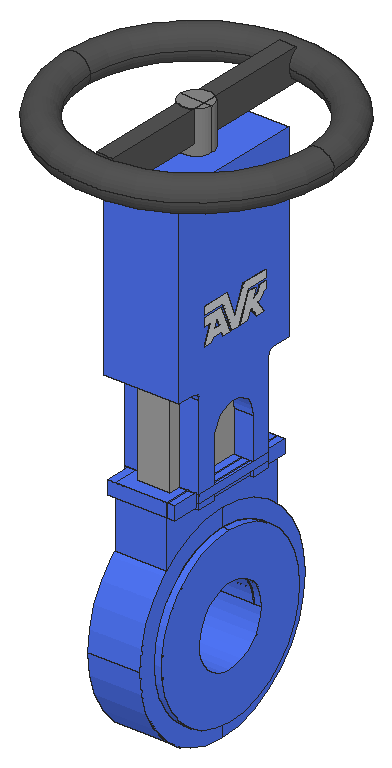
Revit family "702-10-103-DN50-600", category Pipe Accessories, Revit 2019
Family settings
  Round Connector Dimension = Use Diameter
  Part Type = Valve - Breaks Into
  Work Plane-Based = No
  Always vertical = Yes
  Cut with Voids When Loaded = No
  Shared = No
Parameters (values of type "DN050_PN10")
  W3 = W2 / 1.2  # 54.583 mm
  W2 = W / 2  # 65.5 mm
  W = size_lookup(Search_table, "W", 0 mm, [Nominal Diameter (DN)])  # 131 mm
  URL product pages = "https://www.avkvalves.com/P.aspx?no= 7020100100000152"
  Search_table = "702-10-103-DN50-600"
  Neck_Rod = if([Nominal Diameter (DN)] > 399 mm, 20 mm, if([Nominal Diameter (DN)] > 299 mm, 25 mm, if([Nominal Diameter (DN)] > 199 mm, 20 mm, if([Nominal Diameter (DN)] > 39 mm, 10 mm, 10 mm))))  # 10 mm
  Name_Ref = H_Ref * 1.5  # 170.3 mm
  L2 = L * 1.1  # 47.3 mm
  L = size_lookup(Search_table, "L", 0 mm, [Nominal Diameter (DN)])  # 43 mm
  ID = [Nominal Diameter (DN)] / 2  # 25 mm
  Nominal Diameter (DN) = 50 mm
  Hc_Ref = H - (HW_Dia / 2)  # 282 mm
  H = size_lookup(Search_table, "H", 0 mm, [Nominal Diameter (DN)])  # 292 mm
  HW_Rib = (D * 2) - (HW_Dia / 2)  # 145 mm
  HW_Dia = if([Nominal Diameter (DN)] > 399 mm, 80 mm, if([Nominal Diameter (DN)] > 299 mm, 60 mm, if([Nominal Diameter (DN)] > 199 mm, 40 mm, if([Nominal Diameter (DN)] > 39 mm, 20 mm, 20 mm))))  # 20 mm
  H_Ref = Body_width * 1.3  # 113.533 mm
  H3 = size_lookup(Search_table, "H3", 0 mm, [Nominal Diameter (DN)])  # 357 mm
  Flange_Thickness = if([Nominal Diameter (DN)] > 399 mm, 20 mm, if([Nominal Diameter (DN)] > 299 mm, 15 mm, if([Nominal Diameter (DN)] > 199 mm, 10 mm, if([Nominal Diameter (DN)] > 39 mm, 5 mm, 5 mm))))  # 5 mm
  Fillet_Radius = size_lookup(Search_table, "Fillet_Radius", 0 mm, [Nominal Diameter (DN)])  # 5 mm
  Description_ = "AVK KNIFE GATE VALVE"
  DN600_PN10 = "702-0600-10-0000017"
  DN500_PN10 = "702-0500-10-0000017"
  DN450_PN10 = "702-0450-10-0000025"
  DN400_PN10 = "702-0400-10-0000020"
  DN350_PN10 = "702-0350-10-0000031"
  DN300_PN10 = "702-0300-10-0000028"
  DN250_PN10 = "702-0250-10-0000031"
  DN200_PN10 = "702-0200-10-0000031"
  DN150_PN10 = "702-0150-10-0000155"
  DN125_PN10 = "702-0125-10-0000154"
  DN100_PN10 = "702-0100-10-0000152"
  DN080_PN10 = "702-0080-10-0000143"
  DN065_PN10 = "702-0065-10-0000141"
  DN050_PN10 = "702-0050-10-0000141"
  D = (size_lookup(Search_table, "D", 0 mm, [Nominal Diameter (DN)]) / 2) - (HW_Dia / 2)  # 77.5 mm
  Bonnet_height_2 = H / 2  # 146 mm
  Bonnet_height = H / 1.1  # 265.455 mm
  Body_width_2 = Body_width * 0.8  # 69.867 mm
  Body_width = W / 1.5  # 87.333 mm
  B2_Ref = W2 * 1.2  # 78.6 mm
Types (15, lengths in mm): name | W3 | W2 | W | Neck_Rod | Name_Ref | L2 | L | ID | Nominal Diameter (DN) | Hc_Ref | H | HW_Rib | HW_Dia | H_Ref | H3 | Flange_Thickness | Fillet_Radius | D | Bonnet_height_2 | Bonnet_height | Body_width_2 | Body_width | B2_Ref
  (no name) | 54.583 | 65.5 | 131 | 10 | 170.3 | 47.3 | 43 | 25 | 50 | 282 | 292 | 145 | 20 | 113.533 | 357 | 5 | 5 | 77.5 | 146 | 265.455 | 69.867 | 87.333 | 78.6
  DN050_PN10 | 54.583 | 65.5 | 131 | 10 | 170.3 | 47.3 | 43 | 25 | 50 | 282 | 292 | 145 | 20 | 113.533 | 357 | 5 | 5 | 77.5 | 146 | 265.455 | 69.867 | 87.333 | 78.6
  DN065_PN10 | 59.583 | 71.5 | 143 | 10 | 185.9 | 50.6 | 46 | 32.5 | 65 | 307 | 317 | 145 | 20 | 123.933 | 389 | 5 | 5 | 77.5 | 158.5 | 288.182 | 76.267 | 95.333 | 85.8
  DN080_PN10 | 76.667 | 92 | 184 | 10 | 239.2 | 50.6 | 46 | 40 | 80 | 351 | 361 | 195 | 20 | 159.467 | 453 | 5 | 5 | 102.5 | 180.5 | 328.182 | 98.133 | 122.667 | 110.4
  DN100_PN10 | 84.167 | 101 | 202 | 10 | 262.6 | 57.2 | 52 | 50 | 100 | 386 | 396 | 195 | 20 | 175.067 | 497 | 5 | 10 | 102.5 | 198 | 360 | 107.733 | 134.667 | 121.2
  DN125_PN10 | 95.833 | 115 | 230 | 10 | 299 | 61.6 | 56 | 62.5 | 125 | 422 | 432 | 195 | 20 | 199.333 | 547 | 5 | 10 | 102.5 | 216 | 392.727 | 122.667 | 153.333 | 138
  DN150_PN10 | 112.5 | 135 | 270 | 10 | 351 | 61.6 | 56 | 75 | 150 | 513 | 523 | 270 | 20 | 234 | 658 | 5 | 10 | 140 | 261.5 | 475.455 | 144 | 180 | 162
  DN200_PN10 | 137.917 | 165.5 | 331 | 20 | 430.3 | 66 | 60 | 100 | 200 | 603 | 623 | 240 | 40 | 286.867 | 788 | 10 | 15 | 130 | 311.5 | 566.364 | 176.533 | 220.667 | 198.6
  DN250_PN10 | 165.417 | 198.5 | 397 | 20 | 516.1 | 74.8 | 68 | 125 | 250 | 709 | 729 | 240 | 40 | 344.067 | 927 | 10 | 15 | 130 | 364.5 | 662.727 | 211.733 | 264.667 | 238.2
  DN300_PN10 | 188.333 | 226 | 452 | 25 | 587.6 | 85.8 | 78 | 150 | 300 | 828 | 858 | 310 | 60 | 391.733 | 1084 | 15 | 15 | 170 | 429 | 780 | 241.067 | 301.333 | 271.2
  DN350_PN10 | 215.833 | 259 | 518 | 25 | 673.4 | 85.8 | 78 | 175 | 350 | 921 | 951 | 310 | 60 | 448.933 | 1210 | 15 | 20 | 170 | 475.5 | 864.545 | 276.267 | 345.333 | 310.8
  DN400_PN10 | 240 | 288 | 576 | 20 | 748.8 | 99 | 90 | 200 | 400 | 1019 | 1059 | 280 | 80 | 499.2 | 1347 | 20 | 20 | 160 | 529.5 | 962.727 | 307.2 | 384 | 345.6
  DN450_PN10 | 227.5 | 273 | 546 | 20 | 709.8 | 99 | 90 | 225 | 450 | 1166 | 1206 | 380 | 80 | 473.2 | 1519 | 20 | 20 | 210 | 603 | 1096.364 | 291.2 | 364 | 327.6
  DN500_PN10 | 290.833 | 349 | 698 | 20 | 907.4 | 104.5 | 95 | 250 | 500 | 1268 | 1308 | 380 | 80 | 604.933 | 1657 | 20 | 25 | 210 | 654 | 1189.091 | 372.267 | 465.333 | 418.8
  DN600_PN10 | 340.417 | 408.5 | 817 | 20 | 1062.1 | 115.5 | 105 | 300 | 600 | 1457 | 1497 | 380 | 80 | 708.067 | 1905 | 20 | 25 | 210 | 748.5 | 1360.909 | 435.733 | 544.667 | 490.2
Reference planes
  plane 1 "Center (Front/Back)": y = 0
  plane 2: z = 0
  plane 3 "Center (Left/Right)": x = 0
  plane 4: x = -21.5
  plane 5: x = 21.5
  plane 6: y = 27.292
  plane 7: y = -27.292
  plane 8: x = -23.65
  plane 9: x = 23.65
  plane 10: z = 87.333
  plane 11: z = 82.333
  plane 12: x = -18
  plane 13: x = 18
  plane 14: z = 292
  plane 15: y = 15.843
  plane 16: y = -15.843
  plane 17: z = 113.533
  plane 18: z = 146
  plane 19: y = 27.292
  plane 20: y = -27.292
  plane 21: x = -23.65
  plane 22: x = 23.65
  plane 23: z = 292
  plane 24: z = 282
  plane 25: z = 272
  plane 26: z = 352.5
  plane 27: z = -65.5
  plane 28: z = 65.5
  plane 29: y = -65.5
  plane 30: y = 65.5
  plane 31: y = 32.292
  plane 32: z = 141
  plane 33: y = -32.292
  plane 34: z = 141
  plane 35: x = -6.146
  plane 36: x = 5.74
  plane 37: x = -77.5
  plane 38: x = 77.5
  plane 39: x = -150
Forms (mm)
  Extrusion 1, solid, material "Plastic"
    sketch origin (0, 0, 0) x (0, 1, 0) y (0, 0, 1)
      loop
        circle (0, 0) r 65.5
      loop
        circle (0, 0) r 25
    from -21.5 to 21.5
  Revolve 2, void
    sketch origin (0, 0, 0) x (1, 0, 0) y (0, 0, 1)
      loop
        line (21.5, 65.5) -> (16.5, 65.5) -> (16.5, 54.583) -> (21.5, 54.583) -> (21.5, 65.5)
      loop
        line (-21.5, 65.5) -> (-21.5, 54.583) -> (-16.5, 54.583) -> (-16.5, 65.5) -> (-21.5, 65.5)
      axis (-21.5, 0) -> (21.5, 0)
    angle from 0 to 360
  Extrusion 3, solid, material "Plastic"
    sketch origin (0, 0, 0) x (0, 1, 0) y (0, 0, 1)
      loop
        line (43.667, 0) -> (43.667, 87.333) -> (-43.667, 87.333) -> (-43.667, 0) -> (43.667, 0)
    from -16.5 to 16.5
  Extrusion 4, solid, material "Plastic"
    sketch origin (0, 0, 0) x (1, 0, 0) y (0, 0, 1)
      loop
        line (23.65, 87.333) -> (-23.65, 87.333) -> (-23.65, 82.333) -> (23.65, 82.333) -> (23.65, 87.333)
    from -27.292 to 27.292
  Extrusion 5, solid, material "Plastic"
    sketch origin (0, 0, 0) x (1, 0, 0) y (0, 0, 1)
      loop
        line (-21.5, 87.333) -> (-21.5, 78.6) -> (21.5, 78.6) -> (21.5, 87.333) -> (-21.5, 87.333)
    from -43.667 to 43.667
  Extrusion 6, solid, material "Plastic"
    sketch origin (0, 0, 0) x (0, 1, 0) y (0, 0, 1)
      loop
        line (27.292, 78.6) -> (27.292, 141)
        arc (27.292, 141) -> (28.756, 144.536) -> (32.292, 146) r 5
        line (32.292, 146) -> (43.667, 146) -> (43.667, 265.455) -> (-43.667, 265.455) -> (-43.667, 146) -> (-32.292, 146)
        arc (-32.292, 146) -> (-28.756, 144.536) -> (-27.292, 141) r 5
        line (-27.292, 141) -> (-27.292, 78.6) -> (-15.843, 78.6) -> (-15.843, 113.533)
        arc (-15.843, 113.533) -> (0, 129.377) -> (15.843, 113.533) r 15.843
        line (15.843, 113.533) -> (15.843, 78.6) -> (27.292, 78.6)
    from -23.65 to 23.65
  Revolve 7, solid, material "Steel"
    sketch origin (0, 0, 0) x (1, 0, 0) y (0, 0, 1)
      loop
        circle (77.5, 282) r 10
      axis (0, 282) -> (0, 283)
    angle from 0 to 360
  Revolve 8, solid, material "Stainless Steel AISI 304"
    sketch origin (0, 0, 0) x (1, 0, 0) y (0, 0, 1)
      loop
        line (0, 292) -> (0, 265.455) -> (10, 265.455) -> (10, 292) -> (0, 292)
      axis (0, 292) -> (0, 265.455)
    angle from 0 to 360
  Extrusion 9, solid, material "Steel"
    sketch origin (0, 0, 0) x (1, 0, 0) y (0, 1, 0)
      loop
        line (-5, 72.5) -> (-5, -72.5) -> (5, -72.5) -> (5, 72.5) -> (-5, 72.5)
    from 272 to 292
  Extrusion 10, void
    sketch origin (0, 0, 0) x (0, 1, 0) y (0, 0, 1)
      loop
        circle (0, 0) r 25
    from -21.5 to 21.5
  Extrusion 11, solid, material "Stainless Steel AISI 304(1)"
    sketch origin (0, 0, 0) x (0, 1, 0) y (0, 0, 1)
      loop
        line (34.933, 87.333) -> (34.933, 146) -> (-34.933, 146) -> (-34.933, 87.333) -> (34.933, 87.333)
    from -9.423 to 10.911
Cuts and joins
  Revolve 2, Extrusion 10 cuts Extrusion 1
  Extrusion 10 cuts Extrusion 3
Dimensions and locks
  equal spacing: plane 4, plane 3 "Center (Left/Right)", plane 5
  "L": plane 4 to plane 5
  "W2": Revolve 2 sketch curve to level
  "Flange_Thickness": Revolve 2 sketch curve to Extrusion 1
  "Flange_Thickness": Extrusion 1 to Revolve 2 sketch curve
  "W3": Revolve 2 sketch curve to level
  equal spacing: Extrusion 3 sketch curve, plane 1 "Center (Front/Back)", Extrusion 3 sketch curve
  "Body_width": Extrusion 3 sketch curve to Extrusion 3 sketch curve  (x2)
  level to Extrusion 3 = 87.333 mm
  equal spacing: plane 6, plane 1 "Center (Front/Back)", plane 7
  "W3": plane 6 to plane 7
  equal spacing: plane 8, plane 3 "Center (Left/Right)", plane 9
  "L2": plane 8 to plane 9
  "Flange_Thickness": plane 10 to plane 11
  "Body_width": plane 10 to level
  "B2_Ref": Extrusion 5 sketch curve to level
  "H": plane 14 to level
  equal spacing: plane 15, plane 1 "Center (Front/Back)", plane 16
  "Bonnet_height_2": level to plane 18
  "Bonnet_height": Extrusion 6 sketch curve to level
  equal spacing: plane 21, plane 3 "Center (Left/Right)", plane 22
  "L2": plane 21 to plane 22
  "H_Ref": level to plane 17
  "H": plane 23 to level
  "Hc_Ref": plane 24 to level
  "D": Revolve 7 sketch curve to plane 3 "Center (Left/Right)"
  "Neck_Rod": Revolve 8 sketch curve to Revolve 8 sketch curve
  equal spacing: Extrusion 9 sketch curve, plane 3 "Center (Left/Right)", Extrusion 9 sketch curve
  equal spacing: Extrusion 9 sketch curve, plane 1 "Center (Front/Back)", Extrusion 9 sketch curve
  "Neck_Rod": Extrusion 9 sketch curve to Extrusion 9 sketch curve
  "HW_Rib": Extrusion 9 sketch curve to Extrusion 9 sketch curve
  "HW_Dia": plane 23 to plane 25
  "Name_Ref": level to nested 1
  equal spacing: plane 28, level, plane 27
  "W": plane 28 to plane 27
  equal spacing: plane 30, plane 1 "Center (Front/Back)", plane 29
  "W": plane 30 to plane 29
  Revolve 8 to level = 292 mm
  Revolve 8 to plane 27 = 357.5 mm
  "Fillet_Radius": plane 31 to plane 19
  "Fillet_Radius": plane 18 to plane 32
  "Fillet_Radius": plane 18 to plane 34
  "Fillet_Radius": plane 20 to plane 33
  equal spacing: Extrusion 11 sketch curve, plane 1 "Center (Front/Back)", Extrusion 11 sketch curve
  "Body_width_2": Extrusion 11 sketch curve to Extrusion 11 sketch curve
  equal spacing: plane 37, plane 3 "Center (Left/Right)", plane 38
  "D": plane 37 to plane 3 "Center (Left/Right)"
  "Hc_Ref": Revolve 7 sketch curve to level
  "Hc_Ref": Extrusion 1 sketch curve to plane 24
  plane 23 to level = 292 mm
  plane 27 to plane 23 = 357.5 mm
  "W": diameter of Extrusion 1 sketch curve
  "Nominal Diameter (DN)": diameter of Extrusion 1 sketch curve
  "HW_Dia": diameter of Revolve 7 sketch curve
  aligned and locked: level to plane 2
  aligned and locked: Extrusion 1 to plane 5
  aligned and locked: plane 4 to Extrusion 1
  aligned and locked: Extrusion 1 to Revolve 2 sketch curve
  aligned and locked: Revolve 2 sketch curve to Revolve 2 sketch curve  (x2)
  aligned and locked: Revolve 2 sketch curve to plane 2
  aligned and locked: Extrusion 3 sketch curve to level
  aligned and locked: plane 6 to Extrusion 4
  aligned and locked: Extrusion 4 to plane 7
  aligned and locked: plane 11 to Extrusion 4 sketch curve  (x2)
  aligned and locked: plane 10 to Extrusion 4 sketch curve  (x2)
  aligned and locked: Extrusion 5 sketch curve to plane 4
  aligned and locked: plane 5 to Extrusion 5 sketch curve
  aligned and locked: Extrusion 5 sketch curve to Extrusion 4
  aligned and locked: Extrusion 5 to Extrusion 3
  aligned and locked: Extrusion 3 to Extrusion 5
  aligned and locked: plane 8 to Extrusion 4 sketch curve
  aligned and locked: Extrusion 4 sketch curve to plane 9
  aligned and locked: Extrusion 3 to cut or joined group of Extrusion 1, Revolve 2, Extrusion 10  (x2)
  aligned and locked: Extrusion 5 to Extrusion 6 sketch curve
  aligned and locked: Extrusion 6 sketch curve to Extrusion 5
  aligned and locked: plane 15 to Extrusion 6 sketch curve  (x2)
  aligned and locked: plane 19 to Extrusion 6 sketch curve  (x2)
  aligned and locked: plane 16 to Extrusion 6 sketch curve  (x2)
  aligned and locked: plane 20 to Extrusion 6 sketch curve  (x2)
  aligned and locked: plane 7 to plane 20
  aligned and locked: plane 6 to plane 19
  aligned and locked: Extrusion 3 to Extrusion 6 sketch curve  (x2)
  aligned and locked: Extrusion 6 to Extrusion 4  (x2)
  aligned and locked: plane 3 "Center (Left/Right)" to Revolve 7 sketch curve
  aligned and locked: plane 3 "Center (Left/Right)" to Revolve 8 sketch curve
  aligned and locked: plane 23 to Extrusion 9
  aligned and locked: Extrusion 9 to plane 25
  aligned and locked: Extrusion 10 sketch curve to cut or joined group of Extrusion 1, Revolve 2, Extrusion 10  (x2)
  aligned and locked: Extrusion 1 to Extrusion 10  (x2)
  aligned and locked: nested 1 to plane 1 "Center (Front/Back)"
  aligned and locked: plane 33 to Extrusion 6 sketch curve
  aligned and locked: plane 18 to Extrusion 6 sketch curve  (x2)
  aligned and locked: plane 34 to Extrusion 6 sketch curve
  aligned and locked: plane 32 to Extrusion 6 sketch curve
  aligned and locked: plane 31 to Extrusion 6 sketch curve
  aligned and locked: plane 17 to Extrusion 6 sketch curve  (x2)
  aligned and locked: Extrusion 5 to Extrusion 11 sketch curve
  aligned and locked: Revolve 8 sketch curve to plane 23
  aligned and locked: Extrusion 6 to Revolve 8
  aligned and locked: Extrusion 11 to Extrusion 6
Automatic sketch dimensions
  Extrusion 1 sketch curve to Extrusion 1 sketch curve = 0 mm  (x2)
  Extrusion 1 sketch curve to plane 1 "Center (Front/Back)" = 0 mm
  Revolve 2 sketch curve to plane 4 = 0 mm
  Revolve 2 sketch curve to plane 4 = 2.3 mm
  plane 36 to Revolve 2 sketch curve = 7.76 mm
  plane 28 to Revolve 7 sketch curve = 19.961 mm
  plane 26 to Revolve 7 sketch curve = 2.409 mm
  Revolve 8 sketch curve to plane 3 "Center (Left/Right)" = 0 mm
  Revolve 8 sketch curve to plane 25 = 6.545 mm
  Revolve 8 sketch curve to plane 25 = 2.217 mm
  plane 26 to Revolve 8 sketch curve = 1.969 mm
  Extrusion 11 sketch curve to Extrusion 11 sketch curve = 58.667 mm
Nested families
  nested 1: "LOGO LV Final.0001" at (23.65, 0, 158.933) x (0, 1, 0) z (1, 0, 0), type "LOGO LV Final.0001"
Connectors
  piping at (21.5, 0, 0), diameter 50, driven by "Nominal Diameter (DN)"
    settings: on Extrusion 1, index 1, connector inside diameter 609.6 mm, connector length 0 mm, flow factor 0, pipe flow 0.0 L/s, pressure drop 0.0 Pa, fitting loss kfactor 0, connector angle 0.00°, fixture units 0, engagement length 0 mm, angle of deflection 0.00°, flow configuration 0, flow direction 0, fitting loss method 0, system type 7, joint type 0, gender type 0, connector reference index -1, connector utility 0, adjustable connector no, is connector primary yes, connector description ""
  piping at (-21.5, 0, 0), diameter 50, driven by "Nominal Diameter (DN)"
    settings: on Extrusion 1, index 2, connector inside diameter 609.6 mm, connector length 0 mm, flow factor 0, pipe flow 0.0 L/s, pressure drop 0.0 Pa, fitting loss kfactor 0, connector angle 0.00°, fixture units 0, engagement length 0 mm, angle of deflection 0.00°, flow configuration 0, flow direction 0, fitting loss method 0, system type 7, joint type 0, gender type 0, connector reference index -1, connector utility 0, adjustable connector no, is connector primary no, connector description ""
Definition of nested family "LOGO LV Final.0001"
  Parameters (values of type "LOGO LV Final.0001")
    Default Elevation = 1219.2 mm
  Reference planes
    plane 1 "Center (Front/Back)": y = 0
    plane 2: z = 0
    plane 3 "Center (Left/Right)": x = 0
  Forms (mm)
    Extrusion 1, solid
      sketch origin (0, 0, 0) x (1, 0, 0) y (0, 1, 0)
        loop
          line (-1219.2, 1219.2) -> (-1219.2, -1219.2) -> (1219.2, -1219.2) -> (1219.2, 1219.2) -> (-1219.2, 1219.2)
      from 0 to -304.8
    Extrusion 2, solid
      sketch origin (0, 0, 0) x (1, 0, 0) y (0, 1, 0)
        loop
          line (-6.514, 34.224) -> (-24, 34.224) -> (-24, 29.481) -> (-9.766, 29.481) -> (-2.391, 11.367) -> (2.391, 11.367) -> (9.766, 29.481) -> (24, 29.481) -> (24, 34.224) -> (6.514, 34.224) -> (0, 18.224) -> (-6.514, 34.224)
        loop
          line (-10.996, 27.653) -> (-24, 27.653) -> (-24, 23.081) -> (-19.503, 23.081) -> (-24, 11.367) -> (-18.92, 11.367) -> (-17.955, 13.881) -> (-10.51, 13.881) -> (-9.486, 11.367) -> (-4.365, 11.367) -> (-10.996, 27.653)
        loop
          line (-16.777, 18.224) -> (-12.278, 18.224) -> (-14.594, 23.912) -> (-16.777, 18.224)
        loop
          line (4.365, 11.367) -> (9.486, 11.367) -> (12.093, 17.77) -> (16.918, 11.367) -> (22.857, 11.367) -> (17.399, 18.61)
          arc (17.399, 18.61) -> (20.583, 20.18) -> (22.629, 23.081) r 7.2
          line (22.629, 23.081) -> (24, 23.081) -> (24, 27.653) -> (19.429, 27.653)
          arc (19.429, 27.653) -> (17.763, 23.526) -> (13.699, 21.714) r 5.943
          line (13.699, 21.714) -> (16.117, 27.653) -> (10.996, 27.653) -> (4.365, 11.367)
      from 0 to 1
  Dimensions and locks
    aligned and locked: plane 2 to Extrusion 1
    aligned and locked: level to Extrusion 1
    aligned and locked: Extrusion 2 sketch curve to import instance
